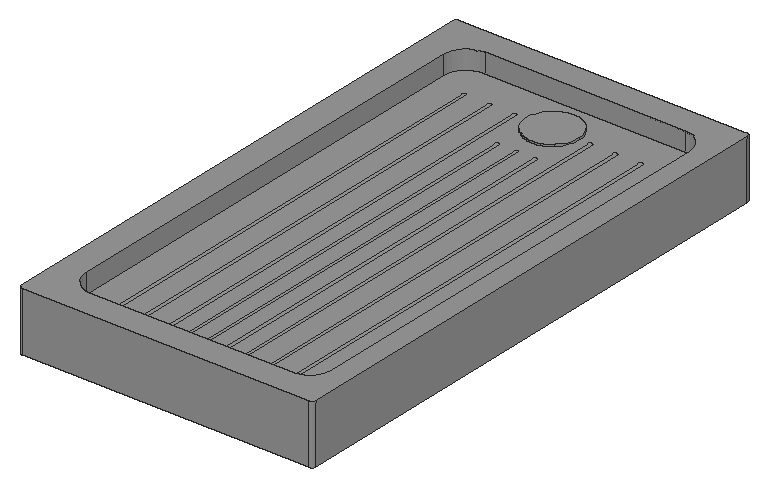
Revit family "RECEPTACULO ZEN 1300X700", category Plumbing Fixtures, Revit 2019
Family settings
  Round Connector Dimension = Use Diameter
  Part Type = Normal
  OmniClass Number = 23.45.00.00
  OmniClass Title = Sanitary, Laundry, and Cleaning Equipment
  Work Plane-Based = No
  Always vertical = Yes
  Cut with Voids When Loaded = No
  Shared = No
  Room Calculation Point = No
Reference planes
  plane 1 "Center (Front/Back)": y = 0
  plane 2: z = 0
  plane 3 "Center (Left/Right)": x = 0
Forms (mm)
  Extrusion 1, solid
    sketch origin (0, 0, 0) x (1, 0, 0) y (0, 1, 0)
      loop
        line (8.252, -342.5) -> (688.252, -342.5)
        arc (688.252, -342.5) -> (695.323, -339.571) -> (698.252, -332.5) r 10
        line (698.252, -332.5) -> (698.252, 947.5)
        arc (698.252, 947.5) -> (695.323, 954.571) -> (688.252, 957.5) r 10
        line (688.252, 957.5) -> (8.252, 957.5)
        arc (8.252, 957.5) -> (1.18, 954.571) -> (-1.748, 947.5) r 10
        line (-1.748, 947.5) -> (-1.748, -332.5)
        arc (-1.748, -332.5) -> (1.18, -339.571) -> (8.252, -342.5) r 10
    from 0 to 140
  Extrusion 2, void
    sketch origin (0, 0, 0) x (1, 0, 0) y (0, 1, 0)
      loop
        line (594.813, 892.5) -> (118.069, 892.5)
        arc (118.069, 892.5) -> (79.178, 876.391) -> (63.069, 837.5) r 55
        line (63.069, 837.5) -> (63.069, -222.5)
        arc (63.069, -222.5) -> (79.178, -261.391) -> (118.069, -277.5) r 55
        line (118.069, -277.5) -> (594.813, -277.5)
        arc (594.813, -277.5) -> (633.704, -261.391) -> (649.813, -222.5) r 55
        line (649.813, -222.5) -> (649.813, 837.5)
        arc (649.813, 837.5) -> (633.704, 876.391) -> (594.813, 892.5) r 55
    from 95 to 140
  Extrusion 3, solid
    sketch origin (0, 280, 0) x (1, 0, 0) y (0, 1, 0)
      loop
        circle (350, 525) r 62.5
    from 95 to 98.923
  Extrusion 4, solid
    sketch origin (0.088, 0, -15.528) x (1, 0, 0) y (0, 0, 1)
      loop
        line (135.456, 110.528) -> (142.789, 110.528)
        arc (142.789, 110.528) -> (139.122, 112.128) -> (135.456, 110.528) r 5
      loop
        line (195.456, 110.528) -> (202.789, 110.528)
        arc (202.789, 110.528) -> (199.122, 112.128) -> (195.456, 110.528) r 5
      loop
        line (255.456, 110.528) -> (262.789, 110.528)
        arc (262.789, 110.528) -> (259.122, 112.128) -> (255.456, 110.528) r 5
      loop
        line (435.456, 110.528) -> (442.789, 110.528)
        arc (442.789, 110.528) -> (439.122, 112.128) -> (435.456, 110.528) r 5
      loop
        line (495.456, 110.528) -> (502.789, 110.528)
        arc (502.789, 110.528) -> (499.122, 112.128) -> (495.456, 110.528) r 5
      loop
        line (555.456, 110.528) -> (562.789, 110.528)
        arc (562.789, 110.528) -> (559.122, 112.128) -> (555.456, 110.528) r 5
    from -806.97 to 242.5
  Extrusion 5, solid
    sketch origin (0.088, 0, -15.528) x (1, 0, 0) y (0, 0, 1)
      loop
        line (345.456, 110.528) -> (352.789, 110.528)
        arc (352.789, 110.528) -> (349.122, 112.128) -> (345.456, 110.528) r 5
      loop
        line (300.456, 110.528) -> (307.789, 110.528)
        arc (307.789, 110.528) -> (304.122, 112.128) -> (300.456, 110.528) r 5
      loop
        line (390.456, 110.528) -> (397.789, 110.528)
        arc (397.789, 110.528) -> (394.122, 112.128) -> (390.456, 110.528) r 5
    from -699.403 to 242.5
Cuts and joins
  Extrusion 2 cuts Extrusion 1
Dimensions and locks
  aligned and locked: level to plane 2
